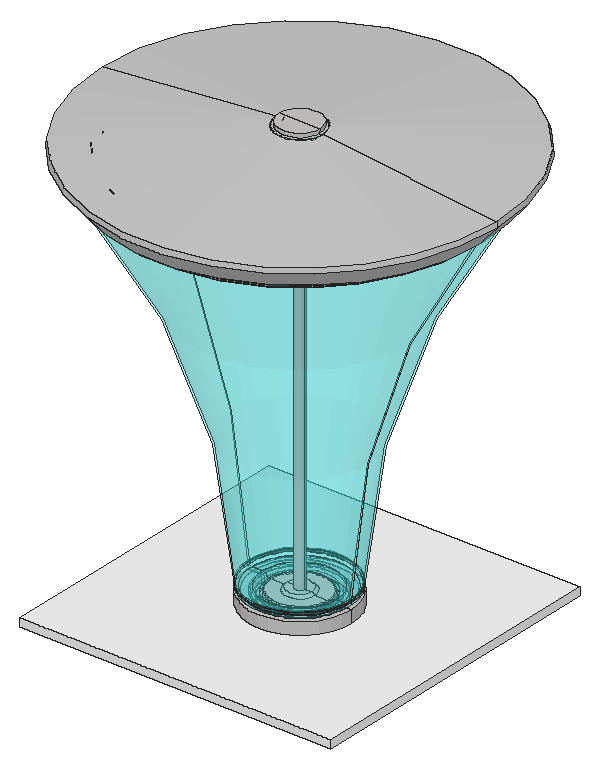
Revit family "BE_77151_de_DE", category Leuchten, Revit 2015
Parameters (values of type "BEGA_77151_Silber_K3")
  built-in parameter 1150104 = 12.02 (stored number, unit not read)
  Windangriffsfläche = "0.15 m²"
  Werkzeuglos = ""
  Wattage = 32 W
  Default Elevation = 0 mm
  built-in parameter 1150113 = 1 (stored number, unit not read)
  built-in parameter 1114218 = 1 (stored number, unit not read)
  Umgebungstemperatur = ""
  URL = "http://www.bega.de/produkt/77151"
  Typenkommentare = "© 2015 BEGA. Wir behalten uns das Recht vor, technische Änderungen ohne vorherige Ankündigung vorzunehmen."  # constant formula
  Type Image = 77151.png
  built-in parameter 1150134 = (empty or 0)
  built-in parameter 1150109 = 1 (stored number, unit not read)
  Strom = ""
  built-in parameter 1150110 = 1 (stored number, unit not read)
  Spannung = 0 V
  Sonderanfertigung = no
  Seriennummer [instance] = "Hier können Sie die eindeutige Seriennummer für das Facility Management eintragen."
  Schutzklasse = "II"
  Schutzart = "IP 65"
  Scheinlast = 0 VA
  Produktdatenblatt = "http://www.bega.de/download/datenblaetter/de/77151.pdf"
  Oberflächentemperatur = ""
  Neigungswinkel = 0.00°
  Modell = "77151AK3"
  Material_19 = BEGA_Dummy_matt
  Material_17 = BEGA_Reflektor
  Material_15 = BEGA_Leuchtmedium_matt
  Material_13 = BEGA_Kunststoff_matt
  Material_12 = BEGA_Kunststoff_klar
  Material_06 = BEGA_Oberfläche_Edelstahl_gebürstet
  Material_02 = BEGA_Oberfläche_Silber_matt
  Material_01 [instance] = BEGA_Oberfläche_Grafit_matt
  Mastzopfhöhe_h = ""
  Mastzopfdurchmesser_d = ""
  Mastzopf_Ø [instance] = "76 mm"  # constant formula
  Masthöhe_H = ""
  Mastdurchmesser_unten_Ø = ""
  Mast Gruppe = ""
  M_G = no
  M_A = yes
  Logo = 0
  built-in parameter 1114217 = 1 (stored number, unit not read)
  built-in parameter 1150139 = (empty or 0)
  built-in parameter 1150105 = 329.46 (stored number, unit not read)
  built-in parameter 1150114 = 1 (stored number, unit not read)
  Lumens = 4140.16 lm
  built-in parameter 1150115 = 1 (stored number, unit not read)
  Leuchtenlichtstrom = "2129 lm"
  Leuchtenanzahl = ""
  Lebensdauerkriterien = "L70 = 50.000 h"
  Lastklassifizierung = Beleuchtung
  built-in parameter 1150112 = 1 (stored number, unit not read)
  Lampenlichtstrom = "4140 lm"
  Lampe = "LED 32 W"
  LED_Modulbezeichnung = "LED-0469/830 + LED-0472/830 "
  built-in parameter 1150142 = (empty or 0)
  Hersteller = "BEGA"  # constant formula
  Gewicht = "8.6 kg"
  Frequenz = "50-60 Hz"
  Farbwiedergabeindex = "Ra > 80"
  Farbtemperaturverschiebung bei Dämpfen der Lampe = <Keine Auswahl>
  Farbtemperatur = "3000 K"
  Color Filter = 16777215
  built-in parameter 1150133 = 10 (stored number, unit not read)
  Energieeffizienzklasse = "LED A++ - A"
  Einstecktiefe = "110 mm"
  built-in parameter 1150137 = (empty or 0)
  built-in parameter 1150132 = (empty or 0)
  ENEC = ""
  Dimmbar [instance] = "1-10 V SELV"
  Datei für fotometrisches Netz = "BE_77151K3.IES"
  CE_Konformität = "ja"
  Bestellnummer = "77151AK3"
  Beschreibung_Sonderanfertigung = "Hier können Sie Informationen zur Sonderanfertigung eintragen."
  Beschreibung = "Aufsatzleuchte"
  built-in parameter 1150106 = 3.2946 (stored number, unit not read)
  BEGA_Intern_aus = yes
  BEGA_Intern_an = yes
  BEGA_Intern_Konstruktion = yes
  BEGA_Intern = yes
  BEGA_IES = yes
  BEGA_Dummy = no
  Anschlussleitung = ""
  Anschlussleistung [instance] = "6.0 m X05BQ-F 4 × 1²"
  built-in parameter 1150107 = 3000 (stored number, unit not read)
  built-in parameter 1150102 = (empty or 0)
  built-in parameter 1150138 = (empty or 0)
  Aktualisierung = "2015-12-10T04:08:31"
  Abstand_zur_angestrahlten_Fläche [instance] = ""
  AC/DC = "AC"
Types (5, lengths in mm): name | built-in parameter 1150104 | built-in parameter 1150134 | Modell | M_G | M_A | built-in parameter 1150105 | Lumens | Leuchtenlichtstrom | Lampenlichtstrom | LED_Modulbezeichnung | Farbtemperatur | Datei für fotometrisches Netz | Bestellnummer | built-in parameter 1150106 | built-in parameter 1150107
  (no name) | 12.02 (stored number, unit not read) | (empty or 0) | "77151AK3" | no | yes | 329.46 (stored number, unit not read) | 4140.16 lm | "2129 lm" | "4140 lm" | "LED-0469/830 + LED-0472/830 " | "3000 K" | "BE_77151K3.IES" | "77151AK3" | 3.2946 (stored number, unit not read) | 3000 (stored number, unit not read)
  BEGA_77151_Grafit_K4 | 12.774 (stored number, unit not read) | 12 | "77151" | yes | no | 350.14 (stored number, unit not read) | 4400 lm | "2274 lm" | "4400 lm" | "LED-0469/840 + LED-0472/840 " | "4000 K" | "BE_77151.IES" | "77151" | 3.5014 (stored number, unit not read) | 4000 (stored number, unit not read)
  BEGA_77151_Grafit_K3 | 12.02 (stored number, unit not read) | (empty or 0) | "77151K3" | yes | no | 329.46 (stored number, unit not read) | 4140.16 lm | "2129 lm" | "4140 lm" | "LED-0469/830 + LED-0472/830 " | "3000 K" | "BE_77151K3.IES" | "77151K3" | 3.2946 (stored number, unit not read) | 3000 (stored number, unit not read)
  BEGA_77151_Silber_K3 | 12.02 (stored number, unit not read) | (empty or 0) | "77151AK3" | no | yes | 329.46 (stored number, unit not read) | 4140.16 lm | "2129 lm" | "4140 lm" | "LED-0469/830 + LED-0472/830 " | "3000 K" | "BE_77151K3.IES" | "77151AK3" | 3.2946 (stored number, unit not read) | 3000 (stored number, unit not read)
  BEGA_77151_Silber_K4 | 12.774 (stored number, unit not read) | 12 | "77151A" | no | yes | 350.14 (stored number, unit not read) | 4400 lm | "2274 lm" | "4400 lm" | "LED-0469/840 + LED-0472/840 " | "4000 K" | "BE_77151.IES" | "77151A" | 3.5014 (stored number, unit not read) | 4000 (stored number, unit not read)
Reference planes
  plane 1 "Mitte (Vorne/Hinten)": y = 0
  plane 2: z = 0
  plane 3 "Mitte (Links/Rechts)": x = 0
  plane 4 "Links": x = -255.051
  plane 5 "Rechts": x = 255.051
  plane 6 "Unten": y = -255.051
  plane 7 "Oben": y = 255.051
  plane 8 "Vorne": z = 554.848
  plane 9 "Hinten": z = -110
Forms (mm)
  Extrusion 1, solid, material "BEGA_Platte_Weiss"
    sketch origin (0, -1119.2, 0) x (1, 0, 0) y (0, 1, 0)
      loop
        line (-200, 1319.2) -> (-200, 919.2) -> (200, 919.2) -> (200, 1319.2) -> (-200, 1319.2)
    from 0 to -10
  Extrusion 2, solid, material "BEGA_Dummy_matt", visible <- "BEGA_Dummy"
    sketch origin (77.149, -76.023, 0) x (1, 0, 0) y (0, 1, 0)
      loop
        circle (-77.149, 76.023) r 255
    from -110 to 554.848
Dimensions and locks
  plane 1 "Mitte (Vorne/Hinten)" to Extrusion 1 = 200 mm
  aligned and locked: plane 2 to Extrusion 1
  aligned and locked: level to Extrusion 1
Nested families
  nested 1: "BE_77151_Leuchtenkörper" at (0, 0, 0), type "BE_77151_Leuchtenkörper"
    with BEGA_Infotext_Winkel no
Connectors
  electrical at (0, 0, 0), driven by "Lastklassifizierung", driven by "Spannung", driven by "Scheinlast"
    settings: index 1, voltage 0 V, apparent load 0 VA, apparent load phase1 0 VA, apparent load phase2 0 VA, apparent load phase3 0 VA, power factor 1, load classification "Beleuchtung", number of poles 1, system type 31, power factor state 1, is connector primary yes, connector utility no, sub classification motor no, connector description ""
Definition of nested family "BE_77151_Leuchtenkörper"
  Parameters (values of type "BE_77151_Leuchtenkörper")
    Default Elevation = 1 mm
    URL = "http://www.bega.de/de/produkt"
    Type Comments = "© 2015 BEGA. Wir behalten uns das Recht vor, technische Änderungen ohne vorherige Ankündigung vorzunehmen. "  # constant formula
    Type Image = Bega_Revit_Typenbild_78x78.png
    Material_19 = none
    Material_17 = none
    Material_15 = none
    Material_13 = none
    Material_12 = none
    Material_06 = none
    Material_02 = none
    Material_01 = none
    M_G = yes
    M_A = yes
    Länge_Platte = 200 mm  # constant formula
    Höhe_Platte = -10 mm  # constant formula
    Manufacturer = "BEGA"  # constant formula
    Breite_Platte = 200 mm  # constant formula
    BEGA_Intern = yes
    BEGA_Infotext_Winkel [instance] = no
    Aktualisierung = "Stand: 25.03.2015"  # constant formula
  Reference planes
    plane 1 "Mitte (Oben/Unten)": y = 0
    plane 2: z = 0
    plane 3 "Mitte (Links/Rechts)": x = 0
    plane 4: x = 255.051
    plane 5: x = -255.051
    plane 6: z = 554.848
    plane 7: z = -110
    plane 8: y = 255.051
    plane 9: y = -255.051
  Forms (mm)
    Extrusion 1, solid, detail levels medium
      sketch origin (0, 0, 0) x (1, 0, 0) y (0, 1, 0)
        loop
          line (-100, 100) -> (-100, -100) -> (100, -100) -> (100, 100) -> (-100, 100)
      from 0 to -10 <- "Höhe_Platte"
    Revolve 2, solid, material <- "Material_01", visible <- "M_G", detail levels medium+fine
      sketch origin (0, 0, 0) x (1, 0, 0) y (0, 0, 1)
        loop
          line (-44.341, -110) -> (-42.269, -107.928) -> (-38.567, -1.93)
          arc (-38.567, -1.93) -> (-37.958, -0.561) -> (-36.569, 0) r 2
          line (-36.569, 0) -> (-24.622, 0)
          arc (-24.622, 0) -> (-23.122, -0.402) -> (-22.021, -1.5) r 3
          line (-22.021, -1.5) -> (-20.866, -3.5)
          arc (-20.866, -3.5) -> (-19.77, -4.597) -> (-18.273, -5) r 3
          line (-18.273, -5) -> (-6.5, -5) -> (-6.5, 18) -> (-16, 18) -> (-19, 15) -> (-36.034, 15)
          arc (-36.034, 15) -> (-36.729, 14.719) -> (-37.034, 14.034) r 1
          line (-37.034, 14.034) -> (-37.349, 5) -> (-50.351, 5) -> (-50.666, 14.037)
          arc (-50.666, 14.037) -> (-50.972, 14.72) -> (-51.666, 15) r 1
          line (-51.666, 15) -> (-66.5, 15) -> (-66.5, -11.344)
          arc (-66.5, -11.344) -> (-66.232, -12.344) -> (-65.5, -13.077) r 2
          line (-65.5, -13.077) -> (-55.491, -18.856)
          arc (-55.491, -18.856) -> (-55.132, -19.221) -> (-55, -19.716) r 1
          line (-55, -19.716) -> (-55, -110) -> (-44.341, -110)
        axis (0, 18) -> (0, -110)
      angle from 0 to 360
    Revolve 3, solid, material <- "Material_12", detail levels medium+fine
      sketch origin (0, 0, 0) x (1, 0, 0) y (0, 0, 1)
        loop
          line (-44.305, 7.5) -> (-40.3, 7.5) -> (-40.571, 12.675)
          arc (-40.571, 12.675) -> (-42.681, 17.511) -> (-47.569, 19.5) r 7
          line (-47.569, 19.5) -> (-61.573, 19.5)
          arc (-61.573, 19.5) -> (-63.658, 20.344) -> (-64.571, 22.4) r 3
          line (-64.571, 22.4) -> (-64.672, 25.294)
          arc (-64.672, 25.294) -> (-110.225, 270.595) -> (-225.662, 491.779) r 842
          arc (-225.662, 491.779) -> (-226.065, 492.542) -> (-226.234, 493.389) r 3
          line (-226.234, 493.389) -> (-227.497, 517.5) -> (-229.5, 517.5) -> (-228.23, 493.275)
          arc (-228.23, 493.275) -> (-227.948, 491.869) -> (-227.279, 490.601) r 5
          arc (-227.279, 490.601) -> (-112.106, 269.915) -> (-66.669, 25.164) r 840
          line (-66.669, 25.164) -> (-66.574, 22.448)
          arc (-66.574, 22.448) -> (-64.506, 17.532) -> (-59.574, 15.5) r 7
          line (-59.574, 15.5) -> (-47.572, 15.5)
          arc (-47.572, 15.5) -> (-45.507, 14.676) -> (-44.576, 12.657) r 3
          line (-44.576, 12.657) -> (-44.305, 7.5)
        axis (0, 517.5) -> (0, 7.5)
      angle from 0 to 360
    Revolve 4, solid, material <- "Material_06", detail levels medium+fine
      sketch origin (0, 0, 0) x (1, 0, 0) y (0, 0, 1)
        loop
          line (-5, 5) -> (-5, 473.998) -> (-7.5, 475.5) -> (-7.5, 549.5) -> (-12.25, 549.5) -> (-12.25, 462.5) -> (-15, 462.5) -> (-15, 460) -> (-6.5, 460) -> (-6.5, 5) -> (-5, 5)
        axis (0, 549.5) -> (0, 5)
      angle from 0 to 360
    Revolve 5, solid, material <- "Material_01", visible <- "M_G", detail levels medium+fine
      sketch origin (0, 0, 0) x (1, 0, 0) y (0, 0, 1)
        loop
          line (-234.437, 497.148) -> (-231.997, 497.148) -> (-231.502, 525.5) -> (-223.333, 525.5) -> (-223.158, 515.5) -> (-219.658, 515.5) -> (-219.335, 524.748) -> (-200.014, 524.748) -> (-199.717, 528.992) -> (-29.787, 545.148) -> (0, 545.148) -> (0, 549.648) -> (-29.597, 549.648)
          arc (-29.597, 549.648) -> (-30, 549.638) -> (-30.401, 549.61) r 8.501
          line (-30.401, 549.61) -> (-253.945, 528.357) -> (-255.051, 521.648)
          arc (-255.051, 521.648) -> (-244.613, 509.508) -> (-234.437, 497.148) r 750
        axis (0, 549.648) -> (0, 497.148)
      angle from 0 to 360
    Revolve 6, solid, material <- "Material_06", detail levels fine
      sketch origin (0, 0, 0) x (1, 0, 0) y (0, 0, 1)
        loop
          line (-26, 554.848) -> (-26, 550.348) -> (-18, 550.348) -> (-18, 553.348) -> (-6.8, 553.348) -> (-6.8, 547.148) -> (0, 547.148) -> (0, 554.848) -> (-26, 554.848)
        axis (0, 554.848) -> (0, 547.148)
      angle from 0 to 360
    Revolve 7, solid, material <- "Material_06", detail levels fine
      sketch origin (0, 0, 0) x (1, 0, 0) y (0, 0, 1)
        loop
          line (56, -26) -> (52.576, -26) -> (52.576, -30) -> (56, -30) -> (56, -26)
        axis (56, -30) -> (52.576, -30)
      angle from 0 to 360
    Revolve 8, solid, material <- "Material_06", detail levels fine
      sketch origin (0, 0, -60.042) x (1, 0, 0) y (0, 0, 1)
        loop
          line (56, -26) -> (52.553, -26) -> (52.553, -30) -> (56, -30) -> (56, -26)
        axis (56, -30) -> (52.553, -30)
      angle from 0 to 360
    Revolve 9, solid, material <- "Material_06", detail levels fine
      sketch origin (0, 0, 0) x (-0.5, 0.866025, 0) y (0, 0, -1)
        loop
          line (56, 26) -> (56, 30) -> (52.576, 30) -> (52.576, 26) -> (56, 26)
        axis (56, 30) -> (52.576, 30)
      angle from 0 to 360
    Revolve 10, solid, material <- "Material_06", detail levels fine
      sketch origin (0, 0, -60.042) x (-0.5, 0.866025, 0) y (0, 0, -1)
        loop
          line (56, 26) -> (56, 30) -> (52.645, 30) -> (52.645, 26) -> (56, 26)
        axis (56, 30) -> (52.645, 30)
      angle from 0 to 360
    Revolve 11, solid, material <- "Material_06", detail levels fine
      sketch origin (0, 0, 0) x (-0.5, -0.866025, 0) y (0, 0, -1)
        loop
          line (56, 26) -> (56, 30) -> (52.576, 30) -> (52.576, 26) -> (56, 26)
        axis (56, 30) -> (52.576, 30)
      angle from 0 to 360
    Revolve 12, solid, material <- "Material_06", detail levels fine
      sketch origin (0, 0, -60.042) x (-0.5, -0.866025, 0) y (0, 0, -1)
        loop
          line (56, 26) -> (56, 30) -> (52.57, 30) -> (52.57, 26) -> (56, 26)
        axis (56, 30) -> (52.57, 30)
      angle from 0 to 360
    Revolve 13, solid, material <- "Material_13", detail levels medium+fine
      sketch origin (0, 0, 0) x (1, 0, 0) y (0, 0, 1)
        loop
          line (-224, 514.4) -> (-224, 504.081)
          arc (-224, 504.081) -> (-222.768, 500.273) -> (-219.54, 497.909) r 6.5
          arc (-219.54, 497.909) -> (-117.695, 472.537) -> (-13.2, 462.689) r 699.501
          line (-13.2, 462.689) -> (-13.2, 465.69)
          arc (-13.2, 465.69) -> (-117.397, 475.53) -> (-218.943, 500.871) r 696.501
          arc (-218.943, 500.871) -> (-220.432, 501.96) -> (-221, 503.717) r 3
          line (-221, 503.717) -> (-221, 514.4) -> (-224, 514.4)
        axis (0, 514.4) -> (0, 462.689)
      angle from 0 to 360
    Revolve 14, solid, material <- "Material_17", detail levels medium+fine
      sketch origin (0, 0, 0) x (1, 0, 0) y (0, 0, 1)
        loop
          line (-210.958, 523.748) -> (-210.778, 519.622)
          arc (-210.778, 519.622) -> (-207.075, 507.731) -> (-201.204, 496.748) r 66
          line (-201.204, 496.748) -> (-200, 496.748)
          arc (-200, 496.748) -> (-206.007, 507.773) -> (-209.782, 519.748) r 65
          line (-209.782, 519.748) -> (-209.959, 523.791)
          arc (-209.959, 523.791) -> (-210.266, 524.47) -> (-210.958, 524.748) r 1
          line (-210.958, 524.748) -> (-219, 524.748) -> (-219, 523.748) -> (-210.958, 523.748)
        axis (0, 524.748) -> (0, 496.748)
      angle from 0 to 360
    Revolve 15, solid, material <- "Material_15", detail levels medium+fine
      sketch origin (0, 0, 0) x (1, 0, 0) y (0, 0, -1)
        loop
          line (-207.998, -524.748) -> (-189.998, -524.748) -> (-189.998, -523.198) -> (-207.998, -523.198) -> (-207.998, -524.748)
        axis (0, -524.748) -> (0, -523.198)
      angle from 0 to 180
    Revolve 16, solid, material <- "Material_02", visible <- "M_A", detail levels medium+fine
      sketch origin (0, 0, 0) x (1, 0, 0) y (0, 0, 1)
        loop
          line (-44.341, -110) -> (-42.269, -107.928) -> (-38.567, -1.93)
          arc (-38.567, -1.93) -> (-37.958, -0.561) -> (-36.569, 0) r 2
          line (-36.569, 0) -> (-24.622, 0)
          arc (-24.622, 0) -> (-23.122, -0.402) -> (-22.021, -1.5) r 3
          line (-22.021, -1.5) -> (-20.866, -3.5)
          arc (-20.866, -3.5) -> (-19.77, -4.597) -> (-18.273, -5) r 3
          line (-18.273, -5) -> (-6.5, -5) -> (-6.5, 18) -> (-16, 18) -> (-19, 15) -> (-36.034, 15)
          arc (-36.034, 15) -> (-36.729, 14.719) -> (-37.034, 14.034) r 1
          line (-37.034, 14.034) -> (-37.349, 5) -> (-50.351, 5) -> (-50.666, 14.037)
          arc (-50.666, 14.037) -> (-50.972, 14.72) -> (-51.666, 15) r 1
          line (-51.666, 15) -> (-66.5, 15) -> (-66.5, -11.344)
          arc (-66.5, -11.344) -> (-66.232, -12.344) -> (-65.5, -13.077) r 2
          line (-65.5, -13.077) -> (-55.491, -18.856)
          arc (-55.491, -18.856) -> (-55.132, -19.221) -> (-55, -19.716) r 1
          line (-55, -19.716) -> (-55, -110) -> (-44.341, -110)
        axis (0, 18) -> (0, -110)
      angle from 0 to 360
    Revolve 17, solid, material <- "Material_02", visible <- "M_A", detail levels medium+fine
      sketch origin (0, 0, 0) x (1, 0, 0) y (0, 0, 1)
        loop
          line (-234.437, 497.148) -> (-231.997, 497.148) -> (-231.502, 525.5) -> (-223.333, 525.5) -> (-223.158, 515.5) -> (-219.658, 515.5) -> (-219.335, 524.748) -> (-200.014, 524.748) -> (-199.717, 528.992) -> (-29.787, 545.148) -> (0, 545.148) -> (0, 549.648) -> (-29.597, 549.648)
          arc (-29.597, 549.648) -> (-30, 549.638) -> (-30.401, 549.61) r 8.501
          line (-30.401, 549.61) -> (-253.945, 528.357) -> (-255.051, 521.648)
          arc (-255.051, 521.648) -> (-244.613, 509.508) -> (-234.437, 497.148) r 750
        axis (0, 549.648) -> (0, 497.148)
      angle from 0 to 360
  Dimensions and locks
    equal spacing: Extrusion 1 sketch curve, plane 3 "Mitte (Links/Rechts)", Extrusion 1 sketch curve
    equal spacing: Extrusion 1 sketch curve, plane 1 "Mitte (Oben/Unten)", Extrusion 1 sketch curve
    "Länge_Platte": Extrusion 1 sketch curve to Extrusion 1 sketch curve
    "Breite_Platte": Extrusion 1 sketch curve to Extrusion 1 sketch curve
    plane 1 "Mitte (Oben/Unten)" to Extrusion 1 = 100 mm  (x3)
    aligned and locked: plane 2 to Extrusion 1
    aligned and locked: level to Extrusion 1
    aligned and locked: Revolve 2 sketch curve to plane 3 "Mitte (Links/Rechts)"
    aligned and locked: Revolve 3 sketch curve to plane 3 "Mitte (Links/Rechts)"
    aligned and locked: Revolve 4 sketch curve to plane 3 "Mitte (Links/Rechts)"
    aligned and locked: Revolve 5 sketch curve to plane 3 "Mitte (Links/Rechts)"
    aligned and locked: Revolve 6 sketch curve to plane 3 "Mitte (Links/Rechts)"
    aligned and locked: Revolve 13 sketch curve to plane 3 "Mitte (Links/Rechts)"
    aligned and locked: Revolve 14 sketch curve to plane 3 "Mitte (Links/Rechts)"
  Automatic sketch dimensions
    Revolve 2 sketch curve to plane 7 = 0 mm
    Revolve 2 sketch curve to plane 3 "Mitte (Links/Rechts)" = 6.5 mm
    Revolve 2 sketch curve to Revolve 2 sketch curve = 9.5 mm
    Revolve 2 sketch curve to level = 2 mm  (x2)
    Revolve 2 sketch curve to Revolve 2 sketch curve = 11.768 mm
    Revolve 2 sketch curve to Revolve 2 sketch curve = 0.005 mm
    Revolve 2 sketch curve to Revolve 2 sketch curve = 3 mm  (x3)
    level to Revolve 2 sketch curve = 0 mm
    Revolve 2 sketch curve to Revolve 2 sketch curve = 6.354 mm
    Revolve 2 sketch curve to Revolve 2 sketch curve = 17.034 mm
    Revolve 2 sketch curve to Revolve 2 sketch curve = 11.947 mm
    level to Revolve 2 sketch curve = 14.034 mm
    Revolve 2 sketch curve to Revolve 2 sketch curve = 0.999 mm  (x2)
    level to Revolve 2 sketch curve = 5 mm
    Revolve 2 sketch curve to Revolve 2 sketch curve = 0.781 mm
    Revolve 2 sketch curve to level = 1.93 mm
    Revolve 2 sketch curve to Revolve 2 sketch curve = 1.999 mm
    plane 7 to Revolve 2 sketch curve = 2.072 mm
    Revolve 2 sketch curve to plane 3 "Mitte (Links/Rechts)" = 42.269 mm
    Revolve 2 sketch curve to Revolve 2 sketch curve = 2.072 mm
    Revolve 2 sketch curve to Revolve 2 sketch curve = 13.002 mm
    level to Revolve 2 sketch curve = 14.037 mm
    Revolve 2 sketch curve to Revolve 2 sketch curve = 0.316 mm
    Revolve 2 sketch curve to Revolve 2 sketch curve = 10.659 mm
    Revolve 2 sketch curve to level = 18.856 mm
    Revolve 2 sketch curve to Revolve 2 sketch curve = 0.491 mm
    Revolve 2 sketch curve to Revolve 2 sketch curve = 1 mm  (x2)
    Revolve 2 sketch curve to Revolve 2 sketch curve = 9.009 mm
    Revolve 2 sketch curve to Revolve 2 sketch curve = 14.834 mm
    Revolve 2 sketch curve to level = 11.344 mm
    Revolve 2 sketch curve to level = 3 mm
    Revolve 2 sketch curve to Revolve 2 sketch curve = 0.034 mm
    Revolve 2 sketch curve to Revolve 2 sketch curve = 0.037 mm
    Revolve 2 sketch curve to Revolve 2 sketch curve = 2.593 mm
    Revolve 2 sketch curve to level = 3.5 mm
    Revolve 2 sketch curve to Revolve 2 sketch curve = 0 mm  (x3)
    Revolve 2 sketch curve to level = 1.5 mm
    Revolve 2 sketch curve to Revolve 2 sketch curve = 1.155 mm
    Revolve 2 sketch curve to Revolve 2 sketch curve = 0.003 mm
    Revolve 2 sketch curve to level = 13.077 mm
    Revolve 2 sketch curve to plane 7 = 499.6 mm
    plane 6 to Revolve 2 sketch curve = 2054.21 mm
    Revolve 3 sketch curve to Revolve 3 sketch curve = 0 mm  (x19)
    level to Revolve 3 sketch curve = 7.5 mm
    Revolve 3 sketch curve to plane 3 "Mitte (Links/Rechts)" = 40.3 mm
    level to Revolve 3 sketch curve = 12.675 mm
    Revolve 3 sketch curve to Revolve 3 sketch curve = 0.271 mm  (x2)
    Revolve 3 sketch curve to Revolve 3 sketch curve = 4.005 mm
    Revolve 3 sketch curve to Revolve 3 sketch curve = 6.998 mm
    Revolve 3 sketch curve to Revolve 3 sketch curve = 0.003 mm
    Revolve 3 sketch curve to Revolve 3 sketch curve = 12.005 mm
    Revolve 3 sketch curve to Revolve 3 sketch curve = 1.999 mm
    level to Revolve 3 sketch curve = 22.4 mm
    Revolve 3 sketch curve to Revolve 3 sketch curve = 2.998 mm
    level to Revolve 3 sketch curve = 22.448 mm
    Revolve 3 sketch curve to Revolve 3 sketch curve = 2.003 mm  (x2)
    level to Revolve 3 sketch curve = 25.164 mm
    Revolve 3 sketch curve to Revolve 3 sketch curve = 0.095 mm
    Revolve 3 sketch curve to plane 5 = 31.813 mm
    Revolve 3 sketch curve to Revolve 3 sketch curve = 4.26 mm
    Revolve 3 sketch curve to Revolve 3 sketch curve = 4.993 mm
    Revolve 3 sketch curve to level = 4.092 mm
    plane 5 to Revolve 3 sketch curve = 651.109 mm
    Revolve 3 sketch curve to Revolve 3 sketch curve = 5 mm
    Revolve 3 sketch curve to Revolve 3 sketch curve = 4 mm
    Revolve 3 sketch curve to plane 6 = 61.573 mm
    Revolve 3 sketch curve to Revolve 3 sketch curve = 24.225 mm
    level to Revolve 3 sketch curve = 12.657 mm
    Revolve 3 sketch curve to Revolve 3 sketch curve = 2.993 mm
    level to Revolve 3 sketch curve = 25.294 mm
    Revolve 3 sketch curve to Revolve 3 sketch curve = 1.997 mm
    Revolve 3 sketch curve to Revolve 3 sketch curve = 2.568 mm
    Revolve 3 sketch curve to Revolve 3 sketch curve = 0.571 mm
    Revolve 3 sketch curve to Revolve 3 sketch curve = 1.616 mm
    Revolve 3 sketch curve to plane 7 = 499.6 mm
    plane 6 to Revolve 3 sketch curve = 2054.21 mm
    Revolve 4 sketch curve to plane 3 "Mitte (Links/Rechts)" = 5 mm
    Revolve 4 sketch curve to plane 3 "Mitte (Links/Rechts)" = 6.5 mm
    Revolve 4 sketch curve to plane 3 "Mitte (Links/Rechts)" = 7.5 mm
    Revolve 4 sketch curve to Revolve 4 sketch curve = 5.75 mm
    Revolve 4 sketch curve to Revolve 4 sketch curve = 2.75 mm
    level to Revolve 4 sketch curve = 5 mm
    Revolve 4 sketch curve to plane 6 = 94.848 mm
    Revolve 4 sketch curve to Revolve 4 sketch curve = 2.5 mm
    Revolve 4 sketch curve to Revolve 4 sketch curve = 11.498 mm
    Revolve 4 sketch curve to Revolve 4 sketch curve = 1.502 mm
    Revolve 4 sketch curve to plane 6 = 5.348 mm
    Revolve 4 sketch curve to plane 7 = 499.6 mm
    plane 6 to Revolve 4 sketch curve = 2054.21 mm
    plane 5 to Revolve 5 sketch curve = 0 mm
    level to Revolve 5 sketch curve = 26.648 mm
    plane 5 to Revolve 5 sketch curve = 563.449 mm
    Revolve 5 sketch curve to plane 5 = 1.105 mm
    Revolve 5 sketch curve to plane 5 = 20.614 mm
    Revolve 5 sketch curve to Revolve 5 sketch curve = 2.44 mm
    Revolve 5 sketch curve to Revolve 5 sketch curve = 22.443 mm
    Revolve 5 sketch curve to Revolve 5 sketch curve = 8.17 mm
    Revolve 5 sketch curve to Revolve 5 sketch curve = 0.175 mm
    Revolve 5 sketch curve to Revolve 5 sketch curve = 3.5 mm
    Revolve 5 sketch curve to Revolve 5 sketch curve = 3.997 mm
    Revolve 5 sketch curve to Revolve 5 sketch curve = 19.321 mm
    Revolve 5 sketch curve to plane 6 = 25.855 mm
    Revolve 5 sketch curve to Revolve 5 sketch curve = 0.297 mm
    Revolve 5 sketch curve to plane 6 = 9.7 mm
    Revolve 5 sketch curve to Revolve 5 sketch curve = 0.19 mm
    Revolve 5 sketch curve to Revolve 5 sketch curve = 31.845 mm
    Revolve 5 sketch curve to Revolve 5 sketch curve = 18.352 mm
    Revolve 5 sketch curve to Revolve 5 sketch curve = 9.248 mm
    Revolve 5 sketch curve to Revolve 5 sketch curve = 0.752 mm
    Revolve 5 sketch curve to Revolve 5 sketch curve = 6.709 mm
    Revolve 5 sketch curve to Revolve 5 sketch curve = 4.001 mm
    Revolve 5 sketch curve to plane 6 = 5.238 mm
    Revolve 5 sketch curve to Revolve 5 sketch curve = 0.615 mm
    Revolve 5 sketch curve to Revolve 5 sketch curve = 0 mm  (x3)
    Revolve 5 sketch curve to Revolve 5 sketch curve = 0.804 mm
    Revolve 5 sketch curve to plane 7 = 499.6 mm
    plane 6 to Revolve 5 sketch curve = 2054.21 mm
    Revolve 6 sketch curve to plane 6 = 0 mm
    Revolve 6 sketch curve to plane 3 "Mitte (Links/Rechts)" = 0 mm
    Revolve 6 sketch curve to plane 6 = 1.5 mm
    Revolve 6 sketch curve to plane 3 "Mitte (Links/Rechts)" = 6.8 mm
    Revolve 6 sketch curve to Revolve 6 sketch curve = 11.2 mm
    Revolve 6 sketch curve to Revolve 6 sketch curve = 8 mm
    Revolve 6 sketch curve to Revolve 6 sketch curve = 3 mm
    Revolve 6 sketch curve to plane 6 = 7.7 mm
    Revolve 6 sketch curve to plane 7 = 499.6 mm
    Revolve 6 sketch curve to Revolve 6 sketch curve = 2054.21 mm
    Revolve 7 sketch curve to level = 26 mm
    plane 3 "Mitte (Links/Rechts)" to Revolve 7 sketch curve = 52.576 mm
    Revolve 7 sketch curve to Revolve 7 sketch curve = 3.424 mm
    Revolve 7 sketch curve to Revolve 7 sketch curve = 4 mm
    Revolve 7 sketch curve to Revolve 7 sketch curve = 12.576 mm
    Revolve 7 sketch curve to Revolve 7 sketch curve = 2 mm
    Revolve 7 sketch curve to Revolve 7 sketch curve = 0 mm
    plane 7 to Revolve 8 sketch curve = 23.958 mm
    plane 3 "Mitte (Links/Rechts)" to Revolve 8 sketch curve = 52.553 mm
    Revolve 8 sketch curve to Revolve 8 sketch curve = 3.447 mm
    Revolve 8 sketch curve to Revolve 8 sketch curve = 4 mm
    Revolve 8 sketch curve to Revolve 8 sketch curve = 12.553 mm
    Revolve 8 sketch curve to Revolve 8 sketch curve = 2 mm
    Revolve 8 sketch curve to Revolve 8 sketch curve = 0 mm
    Revolve 9 sketch curve to level = 26 mm
    Revolve 9 sketch curve to Revolve 9 sketch curve = 3.424 mm
    Revolve 9 sketch curve to Revolve 9 sketch curve = 4 mm
    Revolve 9 sketch curve to Revolve 9 sketch curve = 12.576 mm
    Revolve 9 sketch curve to Revolve 9 sketch curve = 2 mm
    Revolve 9 sketch curve to Revolve 9 sketch curve = 0 mm
    plane 7 to Revolve 10 sketch curve = 23.958 mm
    Revolve 10 sketch curve to Revolve 10 sketch curve = 3.355 mm
    Revolve 10 sketch curve to Revolve 10 sketch curve = 4 mm
    Revolve 10 sketch curve to Revolve 10 sketch curve = 12.646 mm
    Revolve 10 sketch curve to Revolve 10 sketch curve = 2 mm
    Revolve 10 sketch curve to Revolve 10 sketch curve = 0 mm
    Revolve 11 sketch curve to level = 26 mm
    Revolve 11 sketch curve to Revolve 11 sketch curve = 3.424 mm
    Revolve 11 sketch curve to Revolve 11 sketch curve = 4 mm
    Revolve 11 sketch curve to Revolve 11 sketch curve = 12.576 mm
    Revolve 11 sketch curve to Revolve 11 sketch curve = 2 mm
    Revolve 11 sketch curve to Revolve 11 sketch curve = 0 mm
    plane 7 to Revolve 12 sketch curve = 23.958 mm
    Revolve 12 sketch curve to Revolve 12 sketch curve = 3.43 mm
    Revolve 12 sketch curve to Revolve 12 sketch curve = 4 mm
    Revolve 12 sketch curve to Revolve 12 sketch curve = 12.57 mm
    Revolve 12 sketch curve to Revolve 12 sketch curve = 2 mm
    Revolve 12 sketch curve to Revolve 12 sketch curve = 0 mm
    Revolve 13 sketch curve to Revolve 13 sketch curve = 0 mm  (x6)
    Revolve 13 sketch curve to plane 3 "Mitte (Links/Rechts)" = 13.2 mm
    Revolve 13 sketch curve to plane 5 = 37.551 mm
    Revolve 13 sketch curve to Revolve 13 sketch curve = 0.5 mm
    Revolve 13 sketch curve to Revolve 13 sketch curve = 3.5 mm
    Revolve 13 sketch curve to Revolve 13 sketch curve = 3 mm
    plane 3 "Mitte (Links/Rechts)" to Revolve 13 sketch curve = 0 mm
    Revolve 13 sketch curve to plane 6 = 92.159 mm
    Revolve 13 sketch curve to Revolve 13 sketch curve = 3.001 mm
    Revolve 13 sketch curve to plane 6 = 51.131 mm
    Revolve 13 sketch curve to Revolve 13 sketch curve = 0.364 mm  (x2)
    Revolve 13 sketch curve to Revolve 13 sketch curve = 10.683 mm
    plane 6 to Revolve 13 sketch curve = 607.217 mm
    Revolve 13 sketch curve to Revolve 13 sketch curve = 0.943 mm
    Revolve 13 sketch curve to Revolve 13 sketch curve = 0.597 mm
    Revolve 13 sketch curve to plane 7 = 499.6 mm
    Revolve 13 sketch curve to Revolve 13 sketch curve = 1446.993 mm
    Revolve 14 sketch curve to plane 6 = 21.635 mm
    Revolve 14 sketch curve to plane 5 = 108.859 mm
    Revolve 14 sketch curve to Revolve 14 sketch curve = 0 mm  (x5)
    Revolve 14 sketch curve to plane 5 = 55.051 mm
    Revolve 14 sketch curve to Revolve 14 sketch curve = 1.204 mm
    Revolve 14 sketch curve to plane 6 = 35.1 mm
    Revolve 14 sketch curve to Revolve 14 sketch curve = 8.578 mm
    Revolve 14 sketch curve to plane 6 = 35.226 mm
    Revolve 14 sketch curve to Revolve 14 sketch curve = 0.995 mm
    Revolve 14 sketch curve to Revolve 14 sketch curve = 0.18 mm
    Revolve 14 sketch curve to Revolve 14 sketch curve = 8.042 mm
    Revolve 14 sketch curve to Revolve 14 sketch curve = 4.126 mm
    Revolve 14 sketch curve to Revolve 14 sketch curve = 1 mm
    Revolve 14 sketch curve to Revolve 14 sketch curve = 0.999 mm
    Revolve 14 sketch curve to plane 7 = 499.6 mm
    plane 6 to Revolve 14 sketch curve = 2054.21 mm
    Revolve 15 sketch curve to plane 3 "Mitte (Links/Rechts)" = 0 mm
    Revolve 15 sketch curve to plane 6 = 30.1 mm
    Revolve 15 sketch curve to plane 5 = 65.052 mm
    Revolve 15 sketch curve to Revolve 15 sketch curve = 18 mm
    Revolve 15 sketch curve to Revolve 15 sketch curve = 1.55 mm
    plane 6 to Revolve 15 sketch curve = 2054.21 mm
    Revolve 15 sketch curve to plane 7 = 499.6 mm
    Revolve 5 sketch curve to plane 6 = 5.2 mm
    Revolve 5 sketch curve to Revolve 5 sketch curve = 29.597 mm
    Revolve 5 sketch curve to plane 3 "Mitte (Links/Rechts)" = 0 mm
    Revolve 16 sketch curve to plane 7 = 0 mm
    plane 3 "Mitte (Links/Rechts)" to Revolve 16 sketch curve = 0 mm
    Revolve 16 sketch curve to plane 3 "Mitte (Links/Rechts)" = 6.5 mm
    Revolve 16 sketch curve to Revolve 16 sketch curve = 9.5 mm
    Revolve 16 sketch curve to level = 2 mm  (x2)
    Revolve 16 sketch curve to Revolve 16 sketch curve = 11.768 mm
    Revolve 16 sketch curve to Revolve 16 sketch curve = 0.005 mm
    Revolve 16 sketch curve to Revolve 16 sketch curve = 3 mm  (x3)
    level to Revolve 16 sketch curve = 0 mm
    Revolve 16 sketch curve to Revolve 16 sketch curve = 6.354 mm
    Revolve 16 sketch curve to Revolve 16 sketch curve = 17.034 mm
    Revolve 16 sketch curve to Revolve 16 sketch curve = 11.947 mm
    level to Revolve 16 sketch curve = 14.034 mm
    Revolve 16 sketch curve to Revolve 16 sketch curve = 0.999 mm  (x2)
    level to Revolve 16 sketch curve = 5 mm
    Revolve 16 sketch curve to Revolve 16 sketch curve = 0.781 mm
    Revolve 16 sketch curve to level = 1.93 mm
    Revolve 16 sketch curve to Revolve 16 sketch curve = 1.999 mm
    plane 7 to Revolve 16 sketch curve = 2.072 mm
    Revolve 16 sketch curve to plane 3 "Mitte (Links/Rechts)" = 42.269 mm
    Revolve 16 sketch curve to Revolve 16 sketch curve = 2.072 mm
    Revolve 16 sketch curve to Revolve 16 sketch curve = 13.002 mm
    level to Revolve 16 sketch curve = 14.037 mm
    Revolve 16 sketch curve to Revolve 16 sketch curve = 0.316 mm
    Revolve 16 sketch curve to Revolve 16 sketch curve = 10.659 mm
    Revolve 16 sketch curve to level = 18.856 mm
    Revolve 16 sketch curve to Revolve 16 sketch curve = 0.491 mm
    Revolve 16 sketch curve to Revolve 16 sketch curve = 1 mm  (x2)
    Revolve 16 sketch curve to Revolve 16 sketch curve = 9.009 mm
    Revolve 16 sketch curve to Revolve 16 sketch curve = 14.834 mm
    Revolve 16 sketch curve to level = 11.344 mm
    Revolve 16 sketch curve to level = 3 mm
    Revolve 16 sketch curve to Revolve 16 sketch curve = 0.034 mm
    Revolve 16 sketch curve to Revolve 16 sketch curve = 0.037 mm
    Revolve 16 sketch curve to Revolve 16 sketch curve = 2.593 mm
    Revolve 16 sketch curve to level = 3.5 mm
    Revolve 16 sketch curve to Revolve 16 sketch curve = 0 mm  (x3)
    Revolve 16 sketch curve to level = 1.5 mm
    Revolve 16 sketch curve to Revolve 16 sketch curve = 1.155 mm
    Revolve 16 sketch curve to Revolve 16 sketch curve = 0.003 mm
    Revolve 16 sketch curve to level = 13.077 mm
    Revolve 16 sketch curve to plane 7 = 499.6 mm
    plane 6 to Revolve 16 sketch curve = 2054.21 mm
    plane 5 to Revolve 17 sketch curve = 0 mm
    Revolve 17 sketch curve to plane 3 "Mitte (Links/Rechts)" = 0 mm  (x2)
    level to Revolve 17 sketch curve = 26.648 mm
    plane 5 to Revolve 17 sketch curve = 563.449 mm
    Revolve 17 sketch curve to plane 5 = 1.105 mm
    Revolve 17 sketch curve to plane 5 = 20.614 mm
    Revolve 17 sketch curve to Revolve 17 sketch curve = 2.44 mm
    Revolve 17 sketch curve to Revolve 17 sketch curve = 22.443 mm
    Revolve 17 sketch curve to Revolve 17 sketch curve = 8.17 mm
    Revolve 17 sketch curve to Revolve 17 sketch curve = 0.175 mm
    Revolve 17 sketch curve to Revolve 17 sketch curve = 3.5 mm
    Revolve 17 sketch curve to Revolve 17 sketch curve = 3.997 mm
    Revolve 17 sketch curve to Revolve 17 sketch curve = 19.321 mm
    Revolve 17 sketch curve to plane 6 = 25.855 mm
    Revolve 17 sketch curve to Revolve 17 sketch curve = 0.297 mm
    Revolve 17 sketch curve to plane 6 = 9.7 mm
    Revolve 17 sketch curve to plane 3 "Mitte (Links/Rechts)" = 29.787 mm
    Revolve 17 sketch curve to Revolve 17 sketch curve = 0.19 mm
    Revolve 17 sketch curve to Revolve 17 sketch curve = 31.845 mm
    Revolve 17 sketch curve to Revolve 17 sketch curve = 18.352 mm
    Revolve 17 sketch curve to Revolve 17 sketch curve = 9.248 mm
    Revolve 17 sketch curve to Revolve 17 sketch curve = 0.752 mm
    Revolve 17 sketch curve to Revolve 17 sketch curve = 6.709 mm
    Revolve 17 sketch curve to Revolve 17 sketch curve = 4.001 mm
    Revolve 17 sketch curve to Revolve 17 sketch curve = 4.5 mm
    Revolve 17 sketch curve to plane 6 = 5.238 mm
    Revolve 17 sketch curve to Revolve 17 sketch curve = 0.615 mm
    Revolve 17 sketch curve to Revolve 17 sketch curve = 0 mm  (x3)
    Revolve 17 sketch curve to Revolve 17 sketch curve = 0.804 mm
    Revolve 17 sketch curve to plane 7 = 499.6 mm
    plane 6 to Revolve 17 sketch curve = 2054.21 mm
